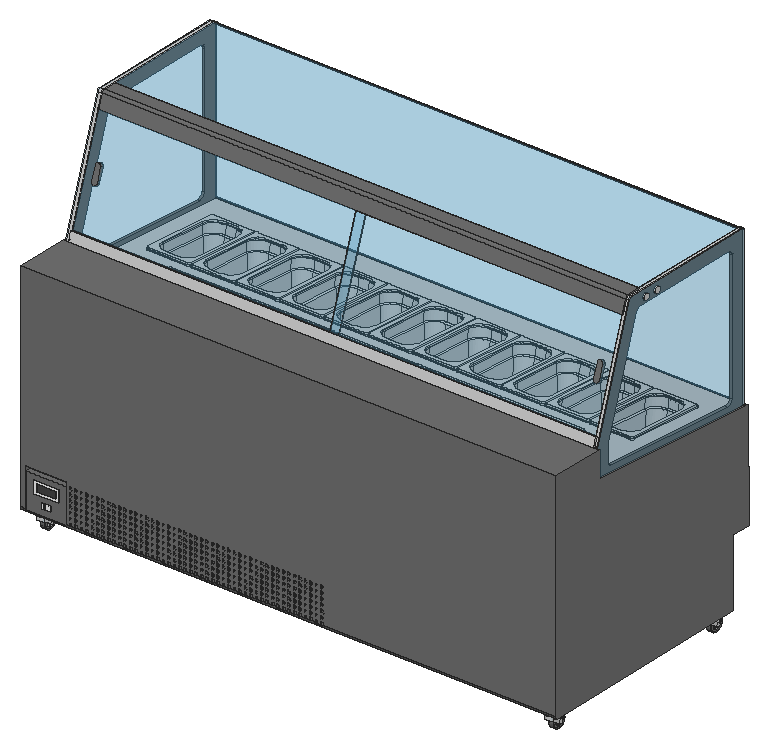
Revit family "QF_BLIZZARD_LUXE15_250923021827", category Specialty Equipment, Revit 2021 (continued)
Definition of nested family "QF_BLIZZARD_SUNDAE15_2920"
  Lines and regions (mm)
    symbolic lines
      curve 209: spline (884.5, -355.193, 0) -> (884.089, -361.438, 0) -> (882.864, -367.576, 0) -> (880.846, -373.502, 0) -> (878.069, -379.115, 0) -> (874.581, -384.319, 0) -> (870.441, -389.024, 0) -> (865.721, -393.151, 0) -> (860.5, -396.628, 0) -> (854.869, -399.396, 0) -> (848.923, -401.407, 0) -> (842.765, -402.628, 0) -> (836.5, -403.038, 0)
      curve 210: line (836.5, -403.038, 0) -> (799.5, -403.038, 0)
      curve 211: spline (799.5, -403.038, 0) -> (793.235, -402.628, 0) -> (787.077, -401.407, 0) -> (781.131, -399.396, 0) -> (775.5, -396.628, 0) -> (770.279, -393.151, 0) -> (765.559, -389.024, 0) -> (761.419, -384.319, 0) -> (757.931, -379.115, 0) -> (755.154, -373.502, 0) -> (753.136, -367.576, 0) -> (751.911, -361.438, 0) -> (751.5, -355.193, 0)
      curve 212: line (751.5, -355.193, 0) -> (751.5, -176.741, 0)
      curve 213: line (884.5, -176.741, 0) -> (884.5, -355.193, 0)
      curve 214: spline (751.5, -176.741, 0) -> (751.911, -170.496, 0) -> (753.136, -164.358, 0) -> (755.154, -158.432, 0) -> (757.931, -152.819, 0) -> (761.419, -147.615, 0) -> (765.559, -142.91, 0) -> (770.279, -138.784, 0) -> (775.5, -135.307, 0) -> (781.131, -132.539, 0) -> (787.077, -130.527, 0) -> (793.235, -129.306, 0) -> (799.5, -128.897, 0)
      curve 215: line (799.5, -128.897, 0) -> (836.5, -128.897, 0)
      curve 216: spline (836.5, -128.897, 0) -> (842.765, -129.306, 0) -> (848.923, -130.527, 0) -> (854.869, -132.539, 0) -> (860.5, -135.307, 0) -> (865.721, -138.784, 0) -> (870.441, -142.91, 0) -> (874.581, -147.615, 0) -> (878.069, -152.819, 0) -> (880.846, -158.432, 0) -> (882.864, -164.358, 0) -> (884.089, -170.496, 0) -> (884.5, -176.741, 0)
      curve 217: line (734, -409.003, 0) -> (734, -122.932, 0)
      curve 218: spline (728, -414.983, 0) -> (728.783, -414.932, 0) -> (729.553, -414.78, 0) -> (730.296, -414.528, 0) -> (731, -414.182, 0) -> (731.653, -413.748, 0) -> (732.243, -413.232, 0) -> (732.76, -412.644, 0) -> (733.196, -411.993, 0) -> (733.543, -411.292, 0) -> (733.796, -410.551, 0) -> (733.949, -409.783, 0) -> (734, -409.003, 0)
      curve 219: line (584, -414.983, 0) -> (728, -414.983, 0)
      curve 220: line (584, -418.376, 0) -> (728, -418.376, 0)
      curve 221: spline (728, -418.376, 0) -> (729.175, -418.299, 0) -> (730.329, -418.07, 0) -> (731.444, -417.693, 0) -> (732.5, -417.174, 0) -> (733.479, -416.522, 0) -> (734.364, -415.748, 0) -> (735.14, -414.866, 0) -> (735.794, -413.89, 0) -> (736.315, -412.838, 0) -> (736.693, -411.727, 0) -> (736.923, -410.576, 0) -> (737, -409.405, 0)
      curve 222: spline (578, -409.003, 0) -> (578.051, -409.783, 0) -> (578.204, -410.551, 0) -> (578.457, -411.292, 0) -> (578.804, -411.993, 0) -> (579.24, -412.644, 0) -> (579.757, -413.232, 0) -> (580.347, -413.748, 0) -> (581, -414.182, 0) -> (581.704, -414.528, 0) -> (582.447, -414.78, 0) -> (583.217, -414.932, 0) -> (584, -414.983, 0)
      curve 223: spline (575, -409.405, 0) -> (575.077, -410.576, 0) -> (575.307, -411.727, 0) -> (575.685, -412.838, 0) -> (576.206, -413.89, 0) -> (576.86, -414.866, 0) -> (577.636, -415.748, 0) -> (578.521, -416.522, 0) -> (579.5, -417.174, 0) -> (580.556, -417.693, 0) -> (581.671, -418.07, 0) -> (582.825, -418.299, 0) -> (584, -418.376, 0)
      curve 224: line (578, -122.932, 0) -> (578, -409.003, 0)
      curve 225: line (575, -123.333, 0) -> (575, -409.405, 0)
      curve 226: spline (734, -122.932, 0) -> (733.949, -122.151, 0) -> (733.796, -121.384, 0) -> (733.543, -120.643, 0) -> (733.196, -119.941, 0) -> (732.76, -119.291, 0) -> (732.243, -118.703, 0) -> (731.653, -118.187, 0) -> (731, -117.752, 0) -> (730.296, -117.406, 0) -> (729.553, -117.155, 0) -> (728.783, -117.002, 0) -> (728, -116.951, 0)
      curve 227: spline (737, -123.333, 0) -> (736.923, -122.163, 0) -> (736.693, -121.012, 0) -> (736.315, -119.9, 0) -> (735.794, -118.848, 0) -> (735.14, -117.872, 0) -> (734.364, -116.99, 0) -> (733.479, -116.216, 0) -> (732.5, -115.564, 0) -> (731.444, -115.045, 0) -> (730.329, -114.668, 0) -> (729.175, -114.439, 0) -> (728, -114.363, 0)
      curve 228: line (728, -114.363, 0) -> (584, -114.363, 0)
      curve 229: line (728, -116.951, 0) -> (584, -116.951, 0)
      curve 230: spline (584, -116.951, 0) -> (583.217, -117.002, 0) -> (582.447, -117.155, 0) -> (581.704, -117.406, 0) -> (581, -117.752, 0) -> (580.347, -118.187, 0) -> (579.757, -118.703, 0) -> (579.24, -119.291, 0) -> (578.804, -119.941, 0) -> (578.457, -120.643, 0) -> (578.204, -121.384, 0) -> (578.051, -122.151, 0) -> (578, -122.932, 0)
      curve 231: spline (584, -114.363, 0) -> (582.825, -114.439, 0) -> (581.671, -114.668, 0) -> (580.556, -115.045, 0) -> (579.5, -115.564, 0) -> (578.521, -116.216, 0) -> (577.636, -116.99, 0) -> (576.86, -117.872, 0) -> (576.206, -118.848, 0) -> (575.685, -119.9, 0) -> (575.307, -121.012, 0) -> (575.077, -122.163, 0) -> (575, -123.333, 0)
      curve 232: spline (722.5, -355.193, 0) -> (722.089, -361.438, 0) -> (720.864, -367.576, 0) -> (718.846, -373.502, 0) -> (716.069, -379.115, 0) -> (712.581, -384.319, 0) -> (708.441, -389.024, 0) -> (703.721, -393.151, 0) -> (698.5, -396.628, 0) -> (692.869, -399.396, 0) -> (686.923, -401.407, 0) -> (680.765, -402.628, 0) -> (674.5, -403.038, 0)
      curve 233: line (674.5, -403.038, 0) -> (637.5, -403.038, 0)
      curve 234: spline (637.5, -403.038, 0) -> (631.235, -402.628, 0) -> (625.077, -401.407, 0) -> (619.131, -399.396, 0) -> (613.5, -396.628, 0) -> (608.279, -393.151, 0) -> (603.559, -389.024, 0) -> (599.419, -384.319, 0) -> (595.931, -379.115, 0) -> (593.154, -373.502, 0) -> (591.136, -367.576, 0) -> (589.911, -361.438, 0) -> (589.5, -355.193, 0)
      curve 235: line (589.5, -355.193, 0) -> (589.5, -176.741, 0)
      curve 236: line (722.5, -176.741, 0) -> (722.5, -355.193, 0)
      curve 237: spline (589.5, -176.741, 0) -> (589.911, -170.496, 0) -> (591.136, -164.358, 0) -> (593.154, -158.432, 0) -> (595.931, -152.819, 0) -> (599.419, -147.615, 0) -> (603.559, -142.91, 0) -> (608.279, -138.784, 0) -> (613.5, -135.307, 0) -> (619.131, -132.539, 0) -> (625.077, -130.527, 0) -> (631.235, -129.306, 0) -> (637.5, -128.897, 0)
      curve 238: line (637.5, -128.897, 0) -> (674.5, -128.897, 0)
      curve 239: spline (674.5, -128.897, 0) -> (680.765, -129.306, 0) -> (686.923, -130.527, 0) -> (692.869, -132.539, 0) -> (698.5, -135.307, 0) -> (703.721, -138.784, 0) -> (708.441, -142.91, 0) -> (712.581, -147.615, 0) -> (716.069, -152.819, 0) -> (718.846, -158.432, 0) -> (720.864, -164.358, 0) -> (722.089, -170.496, 0) -> (722.5, -176.741, 0)
      curve 240: line (572, -409.003, 0) -> (572, -122.932, 0)
      curve 241: spline (566, -414.983, 0) -> (566.783, -414.932, 0) -> (567.553, -414.78, 0) -> (568.296, -414.528, 0) -> (569, -414.182, 0) -> (569.653, -413.748, 0) -> (570.243, -413.232, 0) -> (570.76, -412.644, 0) -> (571.196, -411.993, 0) -> (571.543, -411.292, 0) -> (571.796, -410.551, 0) -> (571.949, -409.783, 0) -> (572, -409.003, 0)
      curve 242: line (422, -414.983, 0) -> (566, -414.983, 0)
      curve 243: line (422, -418.376, 0) -> (566, -418.376, 0)
      curve 244: spline (566, -418.376, 0) -> (567.175, -418.299, 0) -> (568.329, -418.07, 0) -> (569.444, -417.693, 0) -> (570.5, -417.174, 0) -> (571.479, -416.522, 0) -> (572.364, -415.748, 0) -> (573.14, -414.866, 0) -> (573.794, -413.89, 0) -> (574.315, -412.838, 0) -> (574.693, -411.727, 0) -> (574.923, -410.576, 0) -> (575, -409.405, 0)
      curve 245: spline (416, -409.003, 0) -> (416.051, -409.783, 0) -> (416.204, -410.551, 0) -> (416.457, -411.292, 0) -> (416.804, -411.993, 0) -> (417.24, -412.644, 0) -> (417.757, -413.232, 0) -> (418.347, -413.748, 0) -> (419, -414.182, 0) -> (419.704, -414.528, 0) -> (420.447, -414.78, 0) -> (421.217, -414.932, 0) -> (422, -414.983, 0)
      curve 246: spline (413, -409.405, 0) -> (413.077, -410.576, 0) -> (413.307, -411.727, 0) -> (413.685, -412.838, 0) -> (414.206, -413.89, 0) -> (414.86, -414.866, 0) -> (415.636, -415.748, 0) -> (416.521, -416.522, 0) -> (417.5, -417.174, 0) -> (418.556, -417.693, 0) -> (419.671, -418.07, 0) -> (420.825, -418.299, 0) -> (422, -418.376, 0)
      curve 247: line (416, -122.932, 0) -> (416, -409.003, 0)
      curve 248: line (413, -123.333, 0) -> (413, -409.405, 0)
      curve 249: spline (572, -122.932, 0) -> (571.949, -122.151, 0) -> (571.796, -121.384, 0) -> (571.543, -120.643, 0) -> (571.196, -119.941, 0) -> (570.76, -119.291, 0) -> (570.243, -118.703, 0) -> (569.653, -118.187, 0) -> (569, -117.752, 0) -> (568.296, -117.406, 0) -> (567.553, -117.155, 0) -> (566.783, -117.002, 0) -> (566, -116.951, 0)
      curve 250: spline (575, -123.333, 0) -> (574.923, -122.163, 0) -> (574.693, -121.012, 0) -> (574.315, -119.9, 0) -> (573.794, -118.848, 0) -> (573.14, -117.872, 0) -> (572.364, -116.99, 0) -> (571.479, -116.216, 0) -> (570.5, -115.564, 0) -> (569.444, -115.045, 0) -> (568.329, -114.668, 0) -> (567.175, -114.439, 0) -> (566, -114.363, 0)
      curve 251: line (566, -114.363, 0) -> (422, -114.363, 0)
      curve 252: line (566, -116.951, 0) -> (422, -116.951, 0)
      curve 253: spline (422, -116.951, 0) -> (421.217, -117.002, 0) -> (420.447, -117.155, 0) -> (419.704, -117.406, 0) -> (419, -117.752, 0) -> (418.347, -118.187, 0) -> (417.757, -118.703, 0) -> (417.24, -119.291, 0) -> (416.804, -119.941, 0) -> (416.457, -120.643, 0) -> (416.204, -121.384, 0) -> (416.051, -122.151, 0) -> (416, -122.932, 0)
      curve 254: spline (422, -114.363, 0) -> (420.825, -114.439, 0) -> (419.671, -114.668, 0) -> (418.556, -115.045, 0) -> (417.5, -115.564, 0) -> (416.521, -116.216, 0) -> (415.636, -116.99, 0) -> (414.86, -117.872, 0) -> (414.206, -118.848, 0) -> (413.685, -119.9, 0) -> (413.307, -121.012, 0) -> (413.077, -122.163, 0) -> (413, -123.333, 0)
      curve 255: spline (560.5, -355.193, 0) -> (560.089, -361.438, 0) -> (558.864, -367.576, 0) -> (556.846, -373.502, 0) -> (554.069, -379.115, 0) -> (550.581, -384.319, 0) -> (546.441, -389.024, 0) -> (541.721, -393.151, 0) -> (536.5, -396.628, 0) -> (530.869, -399.396, 0) -> (524.923, -401.407, 0) -> (518.765, -402.628, 0) -> (512.5, -403.038, 0)
      curve 256: line (512.5, -403.038, 0) -> (475.5, -403.038, 0)
      curve 257: spline (475.5, -403.038, 0) -> (469.235, -402.628, 0) -> (463.077, -401.407, 0) -> (457.131, -399.396, 0) -> (451.5, -396.628, 0) -> (446.279, -393.151, 0) -> (441.559, -389.024, 0) -> (437.419, -384.319, 0) -> (433.931, -379.115, 0) -> (431.154, -373.502, 0) -> (429.136, -367.576, 0) -> (427.911, -361.438, 0) -> (427.5, -355.193, 0)
      curve 258: line (427.5, -355.193, 0) -> (427.5, -176.741, 0)
      curve 259: line (560.5, -176.741, 0) -> (560.5, -355.193, 0)
      curve 260: spline (427.5, -176.741, 0) -> (427.911, -170.496, 0) -> (429.136, -164.358, 0) -> (431.154, -158.432, 0) -> (433.931, -152.819, 0) -> (437.419, -147.615, 0) -> (441.559, -142.91, 0) -> (446.279, -138.784, 0) -> (451.5, -135.307, 0) -> (457.131, -132.539, 0) -> (463.077, -130.527, 0) -> (469.235, -129.306, 0) -> (475.5, -128.897, 0)
      curve 261: line (475.5, -128.897, 0) -> (512.5, -128.897, 0)
      curve 262: spline (512.5, -128.897, 0) -> (518.765, -129.306, 0) -> (524.923, -130.527, 0) -> (530.869, -132.539, 0) -> (536.5, -135.307, 0) -> (541.721, -138.784, 0) -> (546.441, -142.91, 0) -> (550.581, -147.615, 0) -> (554.069, -152.819, 0) -> (556.846, -158.432, 0) -> (558.864, -164.358, 0) -> (560.089, -170.496, 0) -> (560.5, -176.741, 0)
      curve 263: spline (819, -629.185, 0) -> (820.175, -629.108, 0) -> (821.329, -628.879, 0) -> (822.444, -628.502, 0) -> (823.5, -627.983, 0) -> (824.479, -627.331, 0) -> (825.364, -626.557, 0) -> (826.14, -625.675, 0) -> (826.794, -624.699, 0) -> (827.315, -623.647, 0) -> (827.693, -622.536, 0) -> (827.923, -621.385, 0) -> (828, -620.214, 0)
      curve 264: line (532, -629.185, 0) -> (819, -629.185, 0)
      curve 265: spline (523, -620.214, 0) -> (523.077, -621.385, 0) -> (523.307, -622.536, 0) -> (523.685, -623.647, 0) -> (524.206, -624.699, 0) -> (524.86, -625.675, 0) -> (525.636, -626.557, 0) -> (526.521, -627.331, 0) -> (527.5, -627.983, 0) -> (528.556, -628.502, 0) -> (529.671, -628.879, 0) -> (530.825, -629.108, 0) -> (532, -629.185, 0)
      curve 266: line (523, -549.195, 0) -> (523, -620.214, 0)
      curve 267: line (537.985, -566.485, 0) -> (537.985, -549.195, 0)
      curve 268: spline (585.985, -614.33, 0) -> (579.719, -613.92, 0) -> (573.561, -612.699, 0) -> (567.616, -610.688, 0) -> (561.985, -607.92, 0) -> (556.764, -604.443, 0) -> (552.043, -600.316, 0) -> (547.904, -595.611, 0) -> (544.415, -590.407, 0) -> (541.638, -584.794, 0) -> (539.62, -578.868, 0) -> (538.395, -572.73, 0) -> (537.985, -566.485, 0)
      curve 269: line (765.015, -614.33, 0) -> (585.985, -614.33, 0)
      curve 270: spline (813.015, -566.485, 0) -> (812.605, -572.73, 0) -> (811.38, -578.868, 0) -> (809.362, -584.794, 0) -> (806.585, -590.407, 0) -> (803.096, -595.611, 0) -> (798.957, -600.316, 0) -> (794.236, -604.443, 0) -> (789.015, -607.92, 0) -> (783.384, -610.688, 0) -> (777.439, -612.699, 0) -> (771.281, -613.92, 0) -> (765.015, -614.33, 0)
      curve 271: line (819, -467.709, 0) -> (532, -467.709, 0)
      curve 272: spline (532, -467.709, 0) -> (531.099, -467.754, 0) -> (530.206, -467.889, 0) -> (529.332, -468.112, 0) -> (528.484, -468.422, 0) -> (527.672, -468.814, 0) -> (526.904, -469.286, 0) -> (526.186, -469.832, 0) -> (525.527, -470.446, 0) -> (524.934, -471.124, 0) -> (524.411, -471.857, 0) -> (523.964, -472.639, 0) -> (523.599, -473.462, 0)
      curve 273: spline (827.401, -473.462, 0) -> (827.036, -472.639, 0) -> (826.589, -471.857, 0) -> (826.066, -471.124, 0) -> (825.473, -470.446, 0) -> (824.814, -469.832, 0) -> (824.096, -469.286, 0) -> (823.328, -468.814, 0) -> (822.516, -468.422, 0) -> (821.668, -468.112, 0) -> (820.794, -467.889, 0) -> (819.901, -467.754, 0) -> (819, -467.709, 0)
      curve 274: line (813.015, -566.485, 0) -> (813.015, -549.195, 0)
      curve 275: spline (514, -629.185, 0) -> (515.175, -629.108, 0) -> (516.329, -628.879, 0) -> (517.444, -628.502, 0) -> (518.5, -627.983, 0) -> (519.479, -627.331, 0) -> (520.364, -626.557, 0) -> (521.14, -625.675, 0) -> (521.794, -624.699, 0) -> (522.315, -623.647, 0) -> (522.693, -622.536, 0) -> (522.923, -621.385, 0) -> (523, -620.214, 0)
      curve 276: line (227, -629.185, 0) -> (514, -629.185, 0)
      curve 277: spline (218, -620.214, 0) -> (218.077, -621.385, 0) -> (218.307, -622.536, 0) -> (218.685, -623.647, 0) -> (219.206, -624.699, 0) -> (219.86, -625.675, 0) -> (220.636, -626.557, 0) -> (221.521, -627.331, 0) -> (222.5, -627.983, 0) -> (223.556, -628.502, 0) -> (224.671, -628.879, 0) -> (225.825, -629.108, 0) -> (227, -629.185, 0)
      curve 278: line (218, -549.195, 0) -> (218, -620.214, 0)
      curve 279: line (232.985, -566.485, 0) -> (232.985, -549.195, 0)
      curve 280: spline (280.985, -614.33, 0) -> (274.719, -613.92, 0) -> (268.561, -612.699, 0) -> (262.616, -610.688, 0) -> (256.985, -607.92, 0) -> (251.764, -604.443, 0) -> (247.043, -600.316, 0) -> (242.904, -595.611, 0) -> (239.415, -590.407, 0) -> (236.638, -584.794, 0) -> (234.62, -578.868, 0) -> (233.395, -572.73, 0) -> (232.985, -566.485, 0)
      curve 281: line (460.015, -614.33, 0) -> (280.985, -614.33, 0)
      curve 282: spline (508.015, -566.485, 0) -> (507.605, -572.73, 0) -> (506.38, -578.868, 0) -> (504.362, -584.794, 0) -> (501.585, -590.407, 0) -> (498.096, -595.611, 0) -> (493.957, -600.316, 0) -> (489.236, -604.443, 0) -> (484.015, -607.92, 0) -> (478.384, -610.688, 0) -> (472.439, -612.699, 0) -> (466.281, -613.92, 0) -> (460.015, -614.33, 0)
      curve 283: line (514, -467.709, 0) -> (227, -467.709, 0)
      curve 284: spline (227, -467.709, 0) -> (226.099, -467.754, 0) -> (225.206, -467.889, 0) -> (224.332, -468.112, 0) -> (223.484, -468.422, 0) -> (222.672, -468.814, 0) -> (221.904, -469.286, 0) -> (221.186, -469.832, 0) -> (220.527, -470.446, 0) -> (219.934, -471.124, 0) -> (219.411, -471.857, 0) -> (218.964, -472.639, 0) -> (218.599, -473.462, 0)
      curve 285: spline (522.401, -473.462, 0) -> (522.036, -472.639, 0) -> (521.589, -471.857, 0) -> (521.066, -471.124, 0) -> (520.473, -470.446, 0) -> (519.814, -469.832, 0) -> (519.096, -469.286, 0) -> (518.328, -468.814, 0) -> (517.516, -468.422, 0) -> (516.668, -468.112, 0) -> (515.794, -467.889, 0) -> (514.901, -467.754, 0) -> (514, -467.709, 0)
      curve 286: line (508.015, -566.485, 0) -> (508.015, -549.195, 0)
      curve 287: line (410, -409.003, 0) -> (410, -122.932, 0)
      curve 288: spline (404, -414.983, 0) -> (404.783, -414.932, 0) -> (405.553, -414.78, 0) -> (406.296, -414.528, 0) -> (407, -414.182, 0) -> (407.653, -413.748, 0) -> (408.243, -413.232, 0) -> (408.76, -412.644, 0) -> (409.196, -411.993, 0) -> (409.543, -411.292, 0) -> (409.796, -410.551, 0) -> (409.949, -409.783, 0) -> (410, -409.003, 0)
      curve 289: line (260, -414.983, 0) -> (404, -414.983, 0)
      curve 290: line (260, -418.376, 0) -> (404, -418.376, 0)
      curve 291: spline (404, -418.376, 0) -> (405.175, -418.299, 0) -> (406.329, -418.07, 0) -> (407.444, -417.693, 0) -> (408.5, -417.174, 0) -> (409.479, -416.522, 0) -> (410.364, -415.748, 0) -> (411.14, -414.866, 0) -> (411.794, -413.89, 0) -> (412.315, -412.838, 0) -> (412.693, -411.727, 0) -> (412.923, -410.576, 0) -> (413, -409.405, 0)
      curve 292: spline (254, -409.003, 0) -> (254.051, -409.783, 0) -> (254.204, -410.551, 0) -> (254.457, -411.292, 0) -> (254.804, -411.993, 0) -> (255.24, -412.644, 0) -> (255.757, -413.232, 0) -> (256.347, -413.748, 0) -> (257, -414.182, 0) -> (257.704, -414.528, 0) -> (258.447, -414.78, 0) -> (259.217, -414.932, 0) -> (260, -414.983, 0)
      curve 293: spline (251, -409.405, 0) -> (251.077, -410.576, 0) -> (251.307, -411.727, 0) -> (251.685, -412.838, 0) -> (252.206, -413.89, 0) -> (252.86, -414.866, 0) -> (253.636, -415.748, 0) -> (254.521, -416.522, 0) -> (255.5, -417.174, 0) -> (256.556, -417.693, 0) -> (257.671, -418.07, 0) -> (258.825, -418.299, 0) -> (260, -418.376, 0)
      curve 294: line (254, -122.932, 0) -> (254, -409.003, 0)
      curve 295: line (251, -123.333, 0) -> (251, -409.405, 0)
      curve 296: spline (410, -122.932, 0) -> (409.949, -122.151, 0) -> (409.796, -121.384, 0) -> (409.543, -120.643, 0) -> (409.196, -119.941, 0) -> (408.76, -119.291, 0) -> (408.243, -118.703, 0) -> (407.653, -118.187, 0) -> (407, -117.752, 0) -> (406.296, -117.406, 0) -> (405.553, -117.155, 0) -> (404.783, -117.002, 0) -> (404, -116.951, 0)
      curve 297: spline (413, -123.333, 0) -> (412.923, -122.163, 0) -> (412.693, -121.012, 0) -> (412.315, -119.9, 0) -> (411.794, -118.848, 0) -> (411.14, -117.872, 0) -> (410.364, -116.99, 0) -> (409.479, -116.216, 0) -> (408.5, -115.564, 0) -> (407.444, -115.045, 0) -> (406.329, -114.668, 0) -> (405.175, -114.439, 0) -> (404, -114.363, 0)
      curve 298: line (404, -114.363, 0) -> (260, -114.363, 0)
      curve 299: line (404, -116.951, 0) -> (260, -116.951, 0)
      curve 300: spline (260, -116.951, 0) -> (259.217, -117.002, 0) -> (258.447, -117.155, 0) -> (257.704, -117.406, 0) -> (257, -117.752, 0) -> (256.347, -118.187, 0) -> (255.757, -118.703, 0) -> (255.24, -119.291, 0) -> (254.804, -119.941, 0) -> (254.457, -120.643, 0) -> (254.204, -121.384, 0) -> (254.051, -122.151, 0) -> (254, -122.932, 0)
      curve 301: spline (260, -114.363, 0) -> (258.825, -114.439, 0) -> (257.671, -114.668, 0) -> (256.556, -115.045, 0) -> (255.5, -115.564, 0) -> (254.521, -116.216, 0) -> (253.636, -116.99, 0) -> (252.86, -117.872, 0) -> (252.206, -118.848, 0) -> (251.685, -119.9, 0) -> (251.307, -121.012, 0) -> (251.077, -122.163, 0) -> (251, -123.333, 0)
      curve 302: spline (398.5, -355.193, 0) -> (398.089, -361.438, 0) -> (396.864, -367.576, 0) -> (394.846, -373.502, 0) -> (392.069, -379.115, 0) -> (388.581, -384.319, 0) -> (384.441, -389.024, 0) -> (379.721, -393.151, 0) -> (374.5, -396.628, 0) -> (368.869, -399.396, 0) -> (362.923, -401.407, 0) -> (356.765, -402.628, 0) -> (350.5, -403.038, 0)
      curve 303: line (350.5, -403.038, 0) -> (313.5, -403.038, 0)
      curve 304: spline (313.5, -403.038, 0) -> (307.235, -402.628, 0) -> (301.077, -401.407, 0) -> (295.131, -399.396, 0) -> (289.5, -396.628, 0) -> (284.279, -393.151, 0) -> (279.559, -389.024, 0) -> (275.419, -384.319, 0) -> (271.931, -379.115, 0) -> (269.154, -373.502, 0) -> (267.136, -367.576, 0) -> (265.911, -361.438, 0) -> (265.5, -355.193, 0)
      curve 305: line (265.5, -355.193, 0) -> (265.5, -176.741, 0)
      curve 306: line (398.5, -176.741, 0) -> (398.5, -355.193, 0)
      curve 307: spline (265.5, -176.741, 0) -> (265.911, -170.496, 0) -> (267.136, -164.358, 0) -> (269.154, -158.432, 0) -> (271.931, -152.819, 0) -> (275.419, -147.615, 0) -> (279.559, -142.91, 0) -> (284.279, -138.784, 0) -> (289.5, -135.307, 0) -> (295.131, -132.539, 0) -> (301.077, -130.527, 0) -> (307.235, -129.306, 0) -> (313.5, -128.897, 0)
      curve 308: line (313.5, -128.897, 0) -> (350.5, -128.897, 0)
      curve 309: spline (350.5, -128.897, 0) -> (356.765, -129.306, 0) -> (362.923, -130.527, 0) -> (368.869, -132.539, 0) -> (374.5, -135.307, 0) -> (379.721, -138.784, 0) -> (384.441, -142.91, 0) -> (388.581, -147.615, 0) -> (392.069, -152.819, 0) -> (394.846, -158.432, 0) -> (396.864, -164.358, 0) -> (398.089, -170.496, 0) -> (398.5, -176.741, 0)
      curve 310: line (248, -409.003, 0) -> (248, -122.932, 0)
      curve 311: spline (242, -414.983, 0) -> (242.783, -414.932, 0) -> (243.553, -414.78, 0) -> (244.296, -414.528, 0) -> (245, -414.182, 0) -> (245.653, -413.748, 0) -> (246.243, -413.232, 0) -> (246.76, -412.644, 0) -> (247.196, -411.993, 0) -> (247.543, -411.292, 0) -> (247.796, -410.551, 0) -> (247.949, -409.783, 0) -> (248, -409.003, 0)
      curve 312: line (98, -414.983, 0) -> (242, -414.983, 0)
      curve 313: line (98, -418.376, 0) -> (242, -418.376, 0)
      curve 314: spline (242, -418.376, 0) -> (243.175, -418.299, 0) -> (244.329, -418.07, 0) -> (245.444, -417.693, 0) -> (246.5, -417.174, 0) -> (247.479, -416.522, 0) -> (248.364, -415.748, 0) -> (249.14, -414.866, 0) -> (249.794, -413.89, 0) -> (250.315, -412.838, 0) -> (250.693, -411.727, 0) -> (250.923, -410.576, 0) -> (251, -409.405, 0)
      curve 315: spline (92, -409.003, 0) -> (92.051, -409.783, 0) -> (92.204, -410.551, 0) -> (92.457, -411.292, 0) -> (92.804, -411.993, 0) -> (93.24, -412.644, 0) -> (93.757, -413.232, 0) -> (94.347, -413.748, 0) -> (95, -414.182, 0) -> (95.704, -414.528, 0) -> (96.447, -414.78, 0) -> (97.217, -414.932, 0) -> (98, -414.983, 0)
      curve 316: spline (89, -409.405, 0) -> (89.077, -410.576, 0) -> (89.307, -411.727, 0) -> (89.685, -412.838, 0) -> (90.206, -413.89, 0) -> (90.86, -414.866, 0) -> (91.636, -415.748, 0) -> (92.521, -416.522, 0) -> (93.5, -417.174, 0) -> (94.556, -417.693, 0) -> (95.671, -418.07, 0) -> (96.825, -418.299, 0) -> (98, -418.376, 0)
      curve 317: line (92, -122.932, 0) -> (92, -409.003, 0)
      curve 318: line (89, -123.333, 0) -> (89, -409.405, 0)
      curve 319: spline (248, -122.932, 0) -> (247.949, -122.151, 0) -> (247.796, -121.384, 0) -> (247.543, -120.643, 0) -> (247.196, -119.941, 0) -> (246.76, -119.291, 0) -> (246.243, -118.703, 0) -> (245.653, -118.187, 0) -> (245, -117.752, 0) -> (244.296, -117.406, 0) -> (243.553, -117.155, 0) -> (242.783, -117.002, 0) -> (242, -116.951, 0)
      curve 320: spline (251, -123.333, 0) -> (250.923, -122.163, 0) -> (250.693, -121.012, 0) -> (250.315, -119.9, 0) -> (249.794, -118.848, 0) -> (249.14, -117.872, 0) -> (248.364, -116.99, 0) -> (247.479, -116.216, 0) -> (246.5, -115.564, 0) -> (245.444, -115.045, 0) -> (244.329, -114.668, 0) -> (243.175, -114.439, 0) -> (242, -114.363, 0)
      curve 321: line (242, -114.363, 0) -> (98, -114.363, 0)
      curve 322: line (242, -116.951, 0) -> (98, -116.951, 0)
      curve 323: spline (98, -116.951, 0) -> (97.217, -117.002, 0) -> (96.447, -117.155, 0) -> (95.704, -117.406, 0) -> (95, -117.752, 0) -> (94.347, -118.187, 0) -> (93.757, -118.703, 0) -> (93.24, -119.291, 0) -> (92.804, -119.941, 0) -> (92.457, -120.643, 0) -> (92.204, -121.384, 0) -> (92.051, -122.151, 0) -> (92, -122.932, 0)
      curve 324: spline (98, -114.363, 0) -> (96.825, -114.439, 0) -> (95.671, -114.668, 0) -> (94.556, -115.045, 0) -> (93.5, -115.564, 0) -> (92.521, -116.216, 0) -> (91.636, -116.99, 0) -> (90.86, -117.872, 0) -> (90.206, -118.848, 0) -> (89.685, -119.9, 0) -> (89.307, -121.012, 0) -> (89.077, -122.163, 0) -> (89, -123.333, 0)
      curve 325: spline (236.5, -355.193, 0) -> (236.089, -361.438, 0) -> (234.864, -367.576, 0) -> (232.846, -373.502, 0) -> (230.069, -379.115, 0) -> (226.581, -384.319, 0) -> (222.441, -389.024, 0) -> (217.721, -393.151, 0) -> (212.5, -396.628, 0) -> (206.869, -399.396, 0) -> (200.923, -401.407, 0) -> (194.765, -402.628, 0) -> (188.5, -403.038, 0)
      curve 326: line (188.5, -403.038, 0) -> (151.5, -403.038, 0)
      curve 327: spline (151.5, -403.038, 0) -> (145.235, -402.628, 0) -> (139.077, -401.407, 0) -> (133.131, -399.396, 0) -> (127.5, -396.628, 0) -> (122.279, -393.151, 0) -> (117.559, -389.024, 0) -> (113.419, -384.319, 0) -> (109.931, -379.115, 0) -> (107.154, -373.502, 0) -> (105.136, -367.576, 0) -> (103.911, -361.438, 0) -> (103.5, -355.193, 0)
      curve 328: line (103.5, -355.193, 0) -> (103.5, -176.741, 0)
      curve 329: line (236.5, -176.741, 0) -> (236.5, -355.193, 0)
      curve 330: spline (103.5, -176.741, 0) -> (103.911, -170.496, 0) -> (105.136, -164.358, 0) -> (107.154, -158.432, 0) -> (109.931, -152.819, 0) -> (113.419, -147.615, 0) -> (117.559, -142.91, 0) -> (122.279, -138.784, 0) -> (127.5, -135.307, 0) -> (133.131, -132.539, 0) -> (139.077, -130.527, 0) -> (145.235, -129.306, 0) -> (151.5, -128.897, 0)
      curve 331: line (151.5, -128.897, 0) -> (188.5, -128.897, 0)
      curve 332: spline (188.5, -128.897, 0) -> (194.765, -129.306, 0) -> (200.923, -130.527, 0) -> (206.869, -132.539, 0) -> (212.5, -135.307, 0) -> (217.721, -138.784, 0) -> (222.441, -142.91, 0) -> (226.581, -147.615, 0) -> (230.069, -152.819, 0) -> (232.846, -158.432, 0) -> (234.864, -164.358, 0) -> (236.089, -170.496, 0) -> (236.5, -176.741, 0)
  Dimensions and locks
    plane 3 "Left" to plane 4 "Right" = 1960 mm
    plane 5 "Front" to plane 1 "Back" = 880 mm
    plane 6 "Top" to level = 1300 mm  (x2)
    plane 1 "Back" to plane 5 "Front" = 880 mm
    plane 4 "Right" to plane 3 "Left" = 1960 mm
    aligned and locked: level to plane 2
Definition of nested family "CONN_POINT_ELE_2D___Generic_Annotation"
  Parameters (values of type "CONN_POINT_ELE_2D___Generic_Annotation")
    Onboard connection annotation symbol visibility [instance] = yes
  Reference planes
    plane 1: y = 0
    plane 2: x = 0
  Lines and regions (mm)
    detail lines, visible <- "Onboard connection annotation symbol visibility"
      curve 1: circle (0, 0, 0) r 0.5 normal (0, 0, 1)
      curve 2: line (-1, 0, 0) -> (1, 0, 0)
      curve 3: line (0, 1, 0) -> (0, -1, 0)
      curve 4: line (2.5, 1, 0) -> (1.25, 1, 0)
      curve 5: line (1.25, 1, 0) -> (1.25, -1, 0)
      curve 6: line (1.25, -1, 0) -> (2.5, -1, 0)
      curve 7: line (1.25, 0, 0) -> (2, 0, 0)
